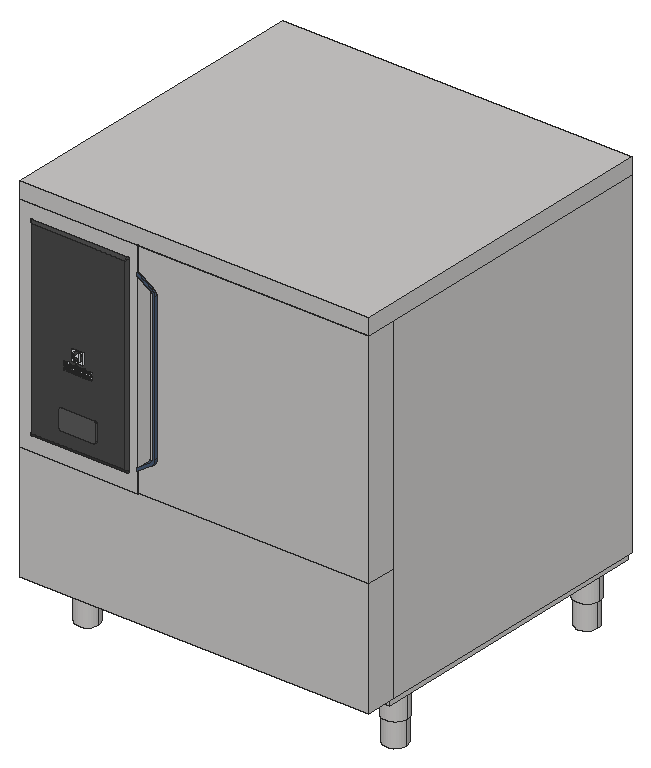
Revit family "QF_ELECTROLUXPROFESSIONAL_725424_EBFA61WET", category Attrezzature speciali, Revit 2018
Family settings
  Quota connettore circolare = Usa diametro
  Tipo di parte = Normale
  Basato su piano di lavoro = No
  Sempre verticale = Sì
  Taglio con vuoti quando caricato = No
  Condiviso = No
  Punto di calcolo locali = No
Parameters (values of type "Standard")
  Weight = 170.00 kg
  Watts = 2700 W
  Volts = 380 V
  URL Manufacturer = "https://www.electroluxprofessional.com/"
  URL = "https://www.electroluxprofessional.com/"
  Steam Supply Size = 0 mm
  Steam Supply Minimum Pressure = 0.0 Pa
  Steam Supply Maximum Pressure = 0.0 Pa
  Steam Consumption per Hour = 0
  Show Logo [instance] = yes
  Show Clearance [instance] = yes
  Refrigeration Suction Line Size = 0 mm
  Refrigeration Liquid Line Size = 0 mm
  Refrigerant Compressor Remote = yes
  Produttore = "Electrolux Professional"
  Phase = 3
  Modello = "EBFA61WET"
  Length Actual = 897 mm  # constant formula
  Item Number = "725424"
  Hot Water Size = 0 mm
  Height Actual = 1020 mm  # constant formula
  HP = "3.6 HP"
  Gas Size = 0 mm
  Gas KW = 0
  Gas Input Pressure = 0 W
  Direct Waste Size = 139.7 mm
  Descrizione = "SKYLINE CHILLS BLAST CHILLER FREEZER 30/30KG 6 GN 1/1 - FOR TOWER EXECUTION - WITH IOT MODULE"
  Depth Actual = 937 mm  # constant formula
  Cycle = 50 Hz
  Condensate Return Size = 0 mm
  Compressed Air Volume = 0.0 L/s
  Compressed Air Size = 0 mm
  Compressed Air Pressure = 0.0 Pa
  Cold Water Size = 0 mm
  Accessory = yes
Types (2, lengths in mm): name | URL | Produttore | Phase | Modello | Direct Waste Size | Descrizione
  (no name) | 0 | 0 | 0 | 0 | 0 | 0
  Standard | "https://www.electroluxprofessional.com/" | "Electrolux Professional" | 3 | "EBFA61WET" | 139.7 | "SKYLINE CHILLS BLAST CHILLER FREEZER 30/30KG 6 GN 1/1 - FOR TOWER EXECUTION - WITH IOT MODULE"
Values of the unnamed type that differ from the named types
  Weight = 0.00 kg
  Watts = 0 W
  Volts = 0 V
  URL Manufacturer = ""
  Item Number = ""
  HP = ""
  Cycle = 0 Hz
Reference planes
  plane 1 "Center X": y = 125.851
  plane 2: z = 0
  plane 3 "Center Y": x = -310.5
  plane 4 "LEFT": x = -759
  plane 5 "BACK": y = 547.851
  plane 6 "RIGHT": x = 138
  plane 7 "FRONT": y = -296.149
  plane 8: z = 130
  plane 9 "TOP": z = 1060
  plane 10: x = -707
  plane 11: y = 471.851
  plane 12: x = 84
  plane 13: y = -144.149
  plane 14: y = 640.851
  plane 15: z = 1020
  plane 16: y = -843.149
Forms (mm)
  Extrusion 1, solid, material "QF_Finishes_Stainless Steel"
    sketch origin (0, 0, 1060) x (-1, 0, 0) y (0, -1, 0)
      loop
        line (759, -547.851) -> (759, 219.149) -> (-138, 219.149) -> (-138, -547.851) -> (759, -547.851)
    from -40 to -909.98
  Extrusion 2, solid, material "QF_Finishes_Stainless Steel"
    sketch origin (-780.727, 547.851, 1032) x (1, 0, 0) y (0, 0, -1)
      loop
        circle (121.727, 802) r 10.5
    from 0 to 10
  Extrusion 3, solid, material "QF_Finishes_Stainless Steel"
    sketch origin (-1206.916, -1524, 130) x (-1, 0, 0) y (0, -1, 0)
      loop
        line (-447.916, -1227.851) -> (-1344.916, -1227.851) -> (-1344.916, -1302.851) -> (-447.916, -1302.851) -> (-447.916, -1227.851)
    from 318 to 20.02
  Extrusion 4, solid, material "QF_Finishes_Stainless Steel"
    sketch origin (-1206.916, -1524, 130) x (-1, 0, 0) y (0, -1, 0)
      loop
        line (-456.916, -2071.851) -> (-456.916, -1306.851) -> (-1335.916, -1306.851) -> (-1335.916, -2071.851) -> (-456.916, -2071.851)
    from 20 to 0
  Extrusion 5, solid, material "QF_Finishes_Stainless Steel"
    sketch origin (-1206.916, -1459, 130) x (0, -1, 0) y (-1, 0, 0)
      loop
        circle (-1673.851, -847.916) r 9.5
    from 0 to 31.68
  Extrusion 6, solid, material "QF_Finishes_Stainless Steel"
    sketch origin (-1217, 0, 808.05) x (1, 0, 0) y (0, 1, 0)
      loop
        line (761, -296.149) -> (761, -221.149) -> (458, -221.149) -> (458, -296.149) -> (761, -296.149)
    from 211.95 to -360.05
  Extrusion 7, solid, material "QF_Door-Drawer Clearances", visible <- "Show Clearance", detail levels coarse
    sketch origin (55, 0, 1060.038) x (-1, 0, 0) y (0, -1, 0)
      loop
        line (-83, 296.149) -> (507.659, 296.149)
        arc (507.659, 296.149) -> (321.559, 687.596) -> (-83, 843.149) r 584.314
        line (-83, 843.149) -> (-83, 296.149)
    from -612.038 to -40.038
  Extrusion 8, solid, material "QF_Finishes_Stainless Steel"
    sketch origin (-1206.916, -1524, 1020) x (-1, 0, 0) y (0, -1, 0)
      loop
        line (-447.916, -2071.851) -> (-447.916, -1227.851) -> (-1344.916, -1227.851) -> (-1344.916, -2071.851) -> (-447.916, -2071.851)
    from 40 to 0
  Extrusion 9, solid, material "QF_Finishes_Stainless Steel"
    sketch origin (-623, 0, 808.05) x (1, 0, 0) y (0, 1, 0)
      loop
        line (761, -296.149) -> (761, -221.149) -> (170.341, -221.149) -> (170.341, -296.149) -> (761, -296.149)
    from 211.95 to -360.05
  Extrusion 10, solid, material "QF_Finishes_Electrolux_Blue"
    sketch origin (-1.459, -299.149, 660.072) x (1, 0, 0) y (0, 0, 1)
      loop
        line (-451.2, 297.898) -> (-453.7, 297.898) -> (-453.7, 291.755) -> (-418.543, 268.401)
        arc (-418.543, 268.401) -> (-414.444, 263.897) -> (-412.96, 257.989) r 12.5
        line (-412.96, 257.989) -> (-412.96, -116.924)
        arc (-412.96, -116.924) -> (-414.566, -123.309) -> (-419.001, -128.176) r 13.5
        line (-419.001, -128.176) -> (-453.7, -151.176) -> (-453.7, -157.317) -> (-451.2, -157.317) -> (-415.41, -133.594)
        arc (-415.41, -133.594) -> (-408.839, -126.384) -> (-406.46, -116.924) r 20
        line (-406.46, -116.924) -> (-406.46, 257.989)
        arc (-406.46, 257.989) -> (-408.716, 266.969) -> (-414.947, 273.816) r 19
        line (-414.947, 273.816) -> (-451.2, 297.898)
    from -39 to 1
  Extrusion 11, void
    sketch origin (-165, -296.149, 808.05) x (-1, 0, 0) y (0, 0, 1)
      loop
        line (287.659, -305.295) -> (287.659, 149.92) -> (251.406, 125.838)
        arc (251.406, 125.838) -> (245.174, 118.991) -> (242.919, 110.011) r 19
        line (242.919, 110.011) -> (242.919, -264.902)
        arc (242.919, -264.902) -> (245.298, -274.362) -> (251.869, -281.572) r 20
        line (251.869, -281.572) -> (287.659, -305.295)
    from 0 to 36
  Extrusion 12, solid, material "QF_Finishes_Stainless Steel"
    sketch origin (-1216.631, -0.954, 55.686) x (0, 1, 0) y (0, 0, 1)
      loop
        line (548.805, 694.306) -> (548.805, 392.314) -> (634.5, 399.789)
        arc (634.5, 399.789) -> (639.702, 402.354) -> (641.805, 407.759) r 8
        line (641.805, 407.759) -> (641.805, 433.233)
        arc (641.805, 433.233) -> (637.783, 442.547) -> (641.805, 451.86) r 12.795
        line (641.805, 451.86) -> (641.805, 483.24)
        arc (641.805, 483.24) -> (637.783, 492.554) -> (641.805, 501.867) r 12.795
        line (641.805, 501.867) -> (641.805, 533.247)
        arc (641.805, 533.247) -> (637.783, 542.56) -> (641.805, 551.874) r 12.795
        line (641.805, 551.874) -> (641.805, 583.254)
        arc (641.805, 583.254) -> (637.783, 592.567) -> (641.805, 601.881) r 12.795
        line (641.805, 601.881) -> (641.805, 634.796)
        arc (641.805, 634.796) -> (640.466, 639.795) -> (636.808, 643.455) r 10
        line (636.808, 643.455) -> (548.805, 694.306)
    from 618.187 to 801.865
  Extrusion 13, void
    sketch origin (-456.631, 0, 962.727) x (-1, 0, 0) y (0, -1, 0)
      loop
        line (132.09, -640.851) -> (141.813, -640.851) -> (141.813, -547.851) -> (140.183, -547.851) -> (132.09, -640.851)
      loop
        line (-40.234, -547.851) -> (-41.865, -547.851) -> (-41.865, -640.851) -> (-32.141, -640.851) -> (-40.234, -547.851)
    from -514.727 to -106.985
Cuts and joins
  Extrusion 11, Extrusion 13 cuts Extrusion 1
  Extrusion 11, Extrusion 13 cuts Extrusion 2
  Extrusion 11, Extrusion 13 cuts Extrusion 4
  Extrusion 11, Extrusion 13 cuts Extrusion 5
  joined: Extrusion 1, Extrusion 2, Extrusion 4, Extrusion 5
  Extrusion 11 cuts Extrusion 9
  Extrusion 13 cuts Extrusion 12
Lines and regions (mm)
  symbolic lines
    curve 1: line (-759, 547.851, 1060) -> (138, 547.851, 1060)
    curve 2: line (-759, -296.149, 1060) -> (-759, 547.851, 1060)
    curve 3: line (138, 547.851, 1060) -> (138, -296.149, 1060)
    curve 4: line (-596.814, 547.851, 1060) -> (-588.722, 640.851, 1060)
    curve 5: line (-588.722, 640.851, 1060) -> (-424.49, 640.851, 1060)
    curve 6: line (-424.49, 640.851, 1060) -> (-416.397, 547.851, 1060)
    curve 7: line (-487.159, -301.149, 1060) -> (-724.159, -301.149, 1060)
    curve 8: line (-724.159, -301.149, 1060) -> (-732.159, -296.149, 1060)
    curve 9: line (-487.159, -301.149, 1060) -> (-479.159, -296.149, 1060)
    curve 11: line (-759, -296.149, 0) -> (138, -296.149, 0)
  symbolic lines, style "QF_Door-Drawer Clearances", visible <- "Show Clearance"
    curve 10: line (-258.996, -831.649, 1060) -> (-173.8, -831.649, 1060)
  symbolic lines, style "QF_Door-Drawer Clearances"
    curve 12: line (138, -843.149, 0) -> (138, -296.149, 0)
    curve 13: arc (-452.659, -296.149, 0) -> (-266.559, -687.596, 0) -> (138, -843.149, 0) r 584.314
Dimensions and locks
  equal spacing: plane 4 "LEFT", plane 3 "Center Y", plane 6 "RIGHT"
  plane 4 "LEFT" to plane 6 "RIGHT" = 897 mm
  plane 5 "BACK" to plane 7 "FRONT" = 844 mm
  equal spacing: plane 5 "BACK", plane 1 "Center X", plane 7 "FRONT"
  cut or joined group of Extrusion 1, Extrusion 2, Extrusion 4, Extrusion 5, Extrusion 11, Extrusion 13 to Extrusion 2 sketch curve = 100 mm
  level to Extrusion 2 sketch curve = 230 mm
  plane 5 "BACK" to Extrusion 5 sketch curve = 333 mm
  plane 4 "LEFT" to Extrusion 5 sketch curve = 400 mm
  Extrusion 2 sketch curve to plane 4 "LEFT" = 100 mm
  plane 14 to plane 5 "BACK" = 93 mm
  plane 9 "TOP" to plane 8 to plane 2 = 930 mm, 130 mm
  plane 9 "TOP" to level = 1060 mm
  locked: plane 9 "TOP" to plane 15 at 40
  plane 5 "BACK" to plane 16 = 1391 mm
  aligned and locked: level to plane 2
  aligned and locked: plane 12 to nested 3
  aligned and locked: plane 12 to nested 2
  aligned and locked: plane 10 to nested 1
  aligned and locked: plane 10 to nested 4
  aligned and locked: nested 4 to plane 11
  aligned and locked: nested 3 to plane 11
  aligned and locked: nested 1 to plane 13
  aligned and locked: nested 2 to plane 13
  aligned and locked: plane 15 to Extrusion 1
  aligned and locked: plane 9 "TOP" to Extrusion 8
Automatic sketch dimensions
  Extrusion 1 sketch curve to plane 5 "BACK" = 0 mm
  Extrusion 1 sketch curve to plane 6 "RIGHT" = 0 mm
  Extrusion 1 sketch curve to plane 4 "LEFT" = 0 mm
  Extrusion 1 sketch curve to plane 13 = 75 mm
  curve 1 to plane 5 "BACK" = 0 mm
  curve 1 to plane 6 "RIGHT" = 0 mm
  curve 9 to plane 7 "FRONT" = 0 mm
  curve 6 to plane 14 = 0 mm
  curve 7 to plane 7 "FRONT" = 5 mm
  curve 7 to plane 12 = 571.159 mm
  curve 6 to plane 12 = 508.49 mm
  curve 5 to curve 4 = 164.232 mm
  curve 8 to plane 3 "Center Y" = 413.659 mm
  plane 3 "Center Y" to curve 10 = 136.7 mm
  curve 9 to curve 7 = 8 mm
  curve 4 to curve 4 = 8.092 mm
  curve 7 to curve 8 = 8 mm
  Extrusion 3 sketch curve to plane 6 "RIGHT" = 0 mm
  Extrusion 3 sketch curve to plane 4 "LEFT" = 0 mm
  Extrusion 3 sketch curve to plane 7 "FRONT" = 0 mm
  Extrusion 3 sketch curve to Extrusion 3 sketch curve = 75 mm
  Extrusion 4 sketch curve to plane 5 "BACK" = 0 mm
  Extrusion 4 sketch curve to plane 6 "RIGHT" = 9 mm
  plane 4 "LEFT" to Extrusion 4 sketch curve = 9 mm
  Extrusion 4 sketch curve to plane 13 = 73 mm
  Extrusion 6 sketch curve to plane 4 "LEFT" = 0 mm
  Extrusion 6 sketch curve to plane 7 "FRONT" = 0 mm
  Extrusion 6 sketch curve to plane 3 "Center Y" = 145.5 mm
  plane 7 "FRONT" to Extrusion 6 sketch curve = 75 mm
  Extrusion 8 sketch curve to plane 5 "BACK" = 0 mm
  Extrusion 8 sketch curve to plane 6 "RIGHT" = 0 mm
  Extrusion 8 sketch curve to plane 4 "LEFT" = 0 mm
  Extrusion 8 sketch curve to plane 7 "FRONT" = 0 mm
  Extrusion 9 sketch curve to plane 7 "FRONT" = 0 mm
  Extrusion 9 sketch curve to plane 6 "RIGHT" = 0 mm
  Extrusion 9 sketch curve to plane 3 "Center Y" = 142.159 mm
  plane 7 "FRONT" to Extrusion 9 sketch curve = 75 mm
  Extrusion 10 sketch curve to Extrusion 10 sketch curve = 0 mm  (x4)
  Extrusion 10 sketch curve to plane 15 = 68.172 mm
  Extrusion 10 sketch curve to plane 3 "Center Y" = 144.659 mm  (x2)
  Extrusion 10 sketch curve to plane 15 = 62.03 mm
  Extrusion 10 sketch curve to Extrusion 10 sketch curve = 2.5 mm  (x2)
  Extrusion 10 sketch curve to Extrusion 10 sketch curve = 27.24 mm
  Extrusion 10 sketch curve to Extrusion 10 sketch curve = 28.24 mm
  Extrusion 10 sketch curve to Extrusion 10 sketch curve = 7.459 mm
  Extrusion 10 sketch curve to Extrusion 10 sketch curve = 6.917 mm
  Extrusion 10 sketch curve to Extrusion 10 sketch curve = 3.591 mm
  Extrusion 10 sketch curve to Extrusion 10 sketch curve = 3.597 mm
  Extrusion 10 sketch curve to Extrusion 10 sketch curve = 5.583 mm
  Extrusion 10 sketch curve to Extrusion 10 sketch curve = 6.5 mm
  Extrusion 10 sketch curve to Extrusion 10 sketch curve = 17.939 mm
  Extrusion 10 sketch curve to Extrusion 10 sketch curve = 374.913 mm
  Extrusion 10 sketch curve to Extrusion 10 sketch curve = 23 mm
  Extrusion 10 sketch curve to Extrusion 10 sketch curve = 6.141 mm
  Extrusion 11 sketch curve to Extrusion 9 = 0 mm
  Extrusion 9 to Extrusion 11 sketch curve = 24.74 mm
  Extrusion 9 to Extrusion 11 sketch curve = 25.74 mm
  Extrusion 11 sketch curve to Extrusion 11 sketch curve = 11.05 mm
  Extrusion 11 sketch curve to Extrusion 11 sketch curve = 10.513 mm
  Extrusion 11 sketch curve to Extrusion 11 sketch curve = 8.95 mm
  Extrusion 11 sketch curve to Extrusion 9 = 54.756 mm
  Extrusion 11 sketch curve to Extrusion 11 sketch curve = 23.723 mm
  Extrusion 11 sketch curve to Extrusion 9 = 101.938 mm
  Extrusion 11 sketch curve to Extrusion 11 sketch curve = 24.082 mm
  Extrusion 12 sketch curve to plane 5 "BACK" = 0 mm
  Extrusion 12 sketch curve to plane 14 = 0 mm  (x5)
  Extrusion 12 sketch curve to Extrusion 12 sketch curve = 10 mm
  Extrusion 12 sketch curve to Extrusion 12 sketch curve = 8 mm
  Extrusion 12 sketch curve to plane 14 = 7.305 mm
  Extrusion 12 sketch curve to plane 14 = 4.997 mm
  plane 14 to Extrusion 12 sketch curve = 8.773 mm  (x4)
  plane 8 to Extrusion 12 sketch curve = 318 mm
  Extrusion 12 sketch curve to Extrusion 12 sketch curve = 7.476 mm
  Extrusion 12 sketch curve to Extrusion 12 sketch curve = 25.474 mm
  Extrusion 12 sketch curve to Extrusion 12 sketch curve = 9.313 mm  (x4)
  Extrusion 12 sketch curve to Extrusion 12 sketch curve = 31.38 mm  (x3)
  Extrusion 12 sketch curve to Extrusion 12 sketch curve = 32.916 mm
  Extrusion 12 sketch curve to Extrusion 12 sketch curve = 50.851 mm
  Extrusion 13 sketch curve to plane 5 "BACK" = 0 mm  (x2)
  Extrusion 13 sketch curve to plane 14 = 0 mm  (x2)
  Extrusion 13 sketch curve to plane 3 "Center Y" = 104.267 mm
  Extrusion 13 sketch curve to Extrusion 13 sketch curve = 1.631 mm  (x2)
  Extrusion 13 sketch curve to Extrusion 13 sketch curve = 9.723 mm
  plane 10 to Extrusion 13 sketch curve = 118.278 mm
  Extrusion 13 sketch curve to Extrusion 13 sketch curve = 8.092 mm
  curve 6 to plane 12 = 500.397 mm
  curve 11 to plane 4 "LEFT" = 0 mm
  curve 11 to plane 7 "FRONT" = 0 mm
  curve 8 to plane 7 "FRONT" = 0 mm
  curve 3 to plane 7 "FRONT" = 0 mm
  plane 3 "Center Y" to curve 11 = 448.5 mm
  Extrusion 7 sketch curve to plane 6 "RIGHT" = 0 mm
  Extrusion 7 sketch curve to plane 7 "FRONT" = 0 mm
  Extrusion 7 sketch curve to plane 16 = 0 mm
  Extrusion 7 sketch curve to plane 6 "RIGHT" = 7.534 mm
  plane 7 "FRONT" to Extrusion 7 sketch curve = 37.266 mm
  plane 16 to curve 10 = 11.5 mm
  curve 2 to plane 4 "LEFT" = 0 mm
  curve 2 to plane 7 "FRONT" = 0 mm
  plane 3 "Center Y" to curve 10 = 51.504 mm
  curve 12 to plane 16 = 0 mm
  curve 13 to plane 6 "RIGHT" = 7.534 mm
  plane 7 "FRONT" to curve 13 = 37.266 mm
  radius of Extrusion 2 sketch curve = 10.5 mm
  radius of Extrusion 5 sketch curve = 9.5 mm
Nested families
  nested 1: "Foot_Complete" at (-707, -144.149, 0), type "Foot_Complete"
    with H 130 mm
  nested 2: "Foot_Complete" at (84, -144.149, 0), type "Foot_Complete"
    with H 130 mm
  nested 3: "Foot_Complete" at (84, 471.851, 0), type "Foot_Complete"
    with H 130 mm
  nested 4: "Foot_Complete" at (-707, 471.851, 0), type "Foot_Complete"
    with H 130 mm
  nested 5: "ELX_Touch" at (-605.159, -296.149, 735) x (-1, 0, 0) z (0, -1, 0), type "ELX_Touch"
  nested 6: "ELX_Pro_Logo" at (-605.159, -301.149, 695) x (1, 0, 0) z (0, -1, 0), type "ELX_Pro_Logo"
Connectors
  electrical at (-659, 557.851, 230), driven by "Volts"
    settings: on Extrusion 2, index 5, voltage 380 V, apparent load 0 VA, apparent load phase1 0 VA, apparent load phase2 0 VA, apparent load phase3 0 VA, power factor 1, load classification "Altro", number of poles 1, system type 30, power factor state 1, is connector primary yes, connector utility no, sub classification motor no, connector description "Electrical Connection"
  piping at (-359, 214.851, 98.32), diameter 139.7, driven by "Direct Waste Size"
    settings: on cut or joined group of Extrusion 1, Extrusion 2, Extrusion 4, Extrusion 5, Extrusion 11, Extrusion 13, index 6, connector inside diameter 609.6 mm, connector length 0 mm, flow factor 0, pipe flow 0.0 L/s, pressure drop 0.0 Pa, fitting loss kfactor 0, connector angle 0.00°, fixture units 0, engagement length 0 mm, angle of deflection 0.00°, flow configuration 1, flow direction 2, fitting loss method 0, system type 16, joint type 0, gender type 0, connector reference index -1, connector utility 0, adjustable connector no, is connector primary yes, connector description "Drain"
Definition of nested family "Foot_Complete"
  Parameters
    R = 32 mm
    H = 150 mm
  Reference planes
    plane 1 "Centro (Fronte/Retro)": y = 0
    plane 2: z = 0
    plane 3 "Centro (Sinistra/Destra)": x = 0
    plane 4: z = 150
  Forms (mm)
    Revolve 1, solid
      sketch origin (255.05, 0, 608.09) x (0, 0, 1) y (-1, 0, 0)
        loop
          line (-608.09, 255.05) -> (-608.09, 226.55) -> (-544.09, 226.55) -> (-544.09, 223.05) -> (-458.09, 223.05) -> (-458.09, 255.05) -> (-608.09, 255.05)
        axis (-608.09, 255.05) -> (-458.09, 255.05)
      angle from 0 to 360
  Dimensions and locks
    locked: level to Revolve 1 sketch curve at 64
    "R": Revolve 1 sketch curve to plane 3 "Centro (Sinistra/Destra)"
    "H": plane 4 to level
    aligned and locked: level to plane 2
    aligned and locked: plane 4 to Revolve 1 sketch curve
    aligned and locked: Revolve 1 sketch curve to level
    aligned and locked: plane 3 "Centro (Sinistra/Destra)" to Revolve 1 sketch curve
  Automatic sketch dimensions
    Revolve 1 sketch curve to plane 3 "Centro (Sinistra/Destra)" = 0 mm
    plane 3 "Centro (Sinistra/Destra)" to Revolve 1 sketch curve = 28.5 mm
    Revolve 1 sketch curve to Revolve 1 sketch curve = 50 mm
    Revolve 1 sketch curve to Revolve 1 sketch curve = 20 mm
Definition of nested family "ELX_Touch"
  Parameters
    Default Elevation = 1219.2 mm
  Reference planes
    plane 1 "Centro (Fronte/Retro)": y = 0
    plane 2: z = 0
    plane 3 "Centro (Sinistra/Destra)": x = 0
  Forms (mm)
    Extrusion 1, solid
      sketch origin (0, 0, 0) x (1, 0, 0) y (0, 1, 0)
        loop
          line (-1219.2, 1219.2) -> (-1219.2, -1219.2) -> (1219.2, -1219.2) -> (1219.2, 1219.2) -> (-1219.2, 1219.2)
      from 0 to -304.8
    Extrusion 2, solid
      sketch origin (0, 0, 5) x (1, 0, 0) y (0, 1, 0)
        loop
          line (-47, -160) -> (-47, -202)
          arc (-47, -202) -> (-45.536, -205.535) -> (-42, -207) r 5
          line (-42, -207) -> (42, -207)
          arc (42, -207) -> (45.536, -205.535) -> (47, -202) r 5
          line (47, -202) -> (47, -160)
          arc (47, -160) -> (45.536, -156.465) -> (42, -155) r 5
          line (42, -155) -> (-42, -155)
          arc (-42, -155) -> (-45.536, -156.465) -> (-47, -160) r 5
      from 0 to 2
    Blend 3, solid
      base sketch origin (0, 0, 0) x (1, 0, 0) y (0, 1, 0)
        loop
          line (-127, 244) -> (-127, -244)
          arc (-127, -244) -> (-125.536, -247.536) -> (-122, -249) r 5
          line (-122, -249) -> (122, -249)
          arc (122, -249) -> (125.536, -247.536) -> (127, -244) r 5
          line (127, -244) -> (127, 244)
          arc (127, 244) -> (125.536, 247.536) -> (122, 249) r 5
          line (122, 249) -> (-122, 249)
          arc (-122, 249) -> (-125.536, 247.536) -> (-127, 244) r 5
      top sketch origin (0, 0, 0) x (1, 0, 0) y (0, 1, 0)
        loop
          line (-119, -241) -> (119, -241) -> (119, 241) -> (-119, 241) -> (-119, -241)
      from 0 to 5
  Lines and regions (mm)
    Split face 1
      outline origin (0, 0, 5) x (1, 0, 0) y (0, 1, 0)
        loop
          line (-70.506, 46.167) -> (70.506, 46.167) -> (70.506, 214.829) -> (-70.506, 214.829) -> (-70.506, 46.167)
    Split face 2
      outline origin (0, 0, 5) x (1, 0, 0) y (0, 1, 0)
        loop
          line (-47.467, 50.825) -> (47.467, 50.825) -> (47.467, 210.171) -> (-47.467, 210.171) -> (-47.467, 50.825)
    Split face 3
      outline origin (0, 0, 5) x (1, 0, 0) y (0, 1, 0)
        loop
          line (-70.521, -215.33) -> (70.521, -215.33) -> (70.521, -146.67) -> (-70.521, -146.67) -> (-70.521, -215.33)
    Split face 4
      outline origin (0, 0, 5) x (1, 0, 0) y (0, 1, 0)
        loop
          line (-119, 201.163) -> (-70.506, 201.163)
        loop
          line (70.506, 201.163) -> (119, 201.163)
        loop
          line (70.521, -200.849) -> (119, -200.849)
        loop
          line (-119, -200.849) -> (-70.521, -200.849)
  Dimensions and locks
    aligned and locked: plane 2 to Extrusion 1
    aligned and locked: level to Extrusion 1
Definition of nested family "ELX_Pro_Logo"
  Parameters (values of type "ELX_Pro_Logo")
    M = none
    Default Elevation = 0 mm
  Reference planes
    plane 1 "Centro (Fronte/Retro)": y = 0
    plane 2: z = 0
    plane 3 "Centro (Sinistra/Destra)": x = 0
  Forms (mm)
    Extrusion 1, solid
      sketch origin (0, 0, 0) x (1, 0, 0) y (0, 1, 0)
        loop
          line (-1219.2, 1219.2) -> (-1219.2, -1219.2) -> (1219.2, -1219.2) -> (1219.2, 1219.2) -> (-1219.2, 1219.2)
      from 0 to -304.8
    Extrusion 2, solid, material <- "M"
      sketch origin (-144.622, -1081.55, 0) x (-1, 0, 0) y (0, -1, 0)
        loop
          line (-111.329, -1069.559) -> (-111.329, -1071.073) -> (-116.048, -1071.073) -> (-116.048, -1072.896) -> (-111.328, -1072.896) -> (-111.328, -1075.549) -> (-116.349, -1075.549) -> (-116.349, -1077.368) -> (-109.396, -1077.368) -> (-109.396, -1073.46) -> (-109.396, -1069.659)
          arc (-109.396, -1069.659) -> (-110.425, -1067.175) -> (-112.909, -1066.146) r 3.513
          line (-112.909, -1066.146) -> (-116.483, -1066.146) -> (-116.483, -1067.963) -> (-112.925, -1067.963)
          arc (-112.925, -1067.963) -> (-111.797, -1068.431) -> (-111.329, -1069.559) r 1.596
        loop
          line (-119.79, -1077.358) -> (-117.856, -1077.358) -> (-117.856, -1072.053) -> (-117.856, -1066.132) -> (-119.79, -1066.132) -> (-119.79, -1072.092) -> (-119.79, -1077.358)
        loop
          line (-122.986, -1069.718) -> (-129.327, -1069.718)
          arc (-129.327, -1069.718) -> (-129.219, -1071.449) -> (-128.497, -1073.026) r 4.757
          arc (-128.497, -1073.026) -> (-125.237, -1074.5) -> (-121.978, -1073.026) r 4.34
          arc (-121.978, -1073.026) -> (-121.072, -1070.207) -> (-121.978, -1067.388) r 4.838
          arc (-121.978, -1067.388) -> (-125.393, -1065.933) -> (-128.809, -1067.388) r 4.737
          line (-128.809, -1067.388) -> (-127.645, -1068.52)
          arc (-127.645, -1068.52) -> (-125.509, -1067.576) -> (-123.374, -1068.52) r 2.888
          arc (-123.374, -1068.52) -> (-123.05, -1069.077) -> (-122.986, -1069.718) r 1.527
        loop
          arc (-127.386, -1071.076) -> (-126.67, -1072.331) -> (-125.331, -1072.872) r 2.201
          arc (-125.331, -1072.872) -> (-123.848, -1072.402) -> (-123.033, -1071.076) r 2.23
          line (-123.033, -1071.076) -> (-127.386, -1071.076)
        loop
          line (-136.862, -1071.886) -> (-138.059, -1073.132)
          arc (-138.059, -1073.132) -> (-130.327, -1070.219) -> (-138.059, -1067.306) r 4.415
          line (-138.059, -1067.306) -> (-136.862, -1068.553)
          arc (-136.862, -1068.553) -> (-132.252, -1070.22) -> (-136.862, -1071.886) r 2.606
        loop
          line (-141.192, -1069.673) -> (-141.192, -1072.494) -> (-142.951, -1072.494) -> (-142.951, -1074.25) -> (-141.195, -1074.25) -> (-141.195, -1077.358) -> (-139.262, -1077.358) -> (-139.262, -1073.332) -> (-139.262, -1069.514)
          arc (-139.262, -1069.514) -> (-140.299, -1066.92) -> (-142.98, -1066.132) r 3.196
          line (-142.98, -1066.132) -> (-142.987, -1067.949)
          arc (-142.987, -1067.949) -> (-141.652, -1068.356) -> (-141.192, -1069.673) r 1.542
        loop
          line (-146.494, -1073.042) -> (-146.494, -1074.25) -> (-144.576, -1074.25) -> (-144.576, -1070.271) -> (-144.576, -1066.132) -> (-146.494, -1066.132) -> (-146.494, -1070.401)
          arc (-146.494, -1070.401) -> (-147.446, -1072.228) -> (-149.489, -1072.494) r 2.229
          line (-149.489, -1072.494) -> (-149.489, -1074.362)
          arc (-149.489, -1074.362) -> (-147.761, -1074.226) -> (-146.494, -1073.042) r 2.627
        loop
          line (-159.833, -1072.246) -> (-159.833, -1066.131) -> (-161.767, -1066.131) -> (-161.767, -1072.17) -> (-161.767, -1077.359) -> (-159.833, -1077.359) -> (-159.833, -1072.246)
        loop
          line (-165.194, -1069.514) -> (-165.194, -1074.25) -> (-163.245, -1074.25) -> (-163.245, -1071.898) -> (-163.245, -1069.098)
          arc (-163.245, -1069.098) -> (-166.96, -1065.769) -> (-170.687, -1069.085) r 3.745
          line (-170.687, -1069.085) -> (-170.687, -1071.898) -> (-170.687, -1074.25) -> (-168.739, -1074.25) -> (-168.739, -1069.514)
          arc (-168.739, -1069.514) -> (-166.967, -1067.742) -> (-165.194, -1069.514) r 1.772
        loop
          line (-174.654, -1070.416) -> (-172.975, -1068.078) -> (-171.578, -1066.131) -> (-173.656, -1066.131) -> (-175.717, -1068.999) -> (-177.779, -1066.131) -> (-179.857, -1066.131) -> (-178, -1068.728) -> (-176.781, -1070.433) -> (-178.29, -1072.488) -> (-179.583, -1074.25) -> (-177.473, -1074.25) -> (-175.717, -1071.818) -> (-173.945, -1074.25) -> (-171.852, -1074.25) -> (-173.052, -1072.608) -> (-174.654, -1070.416)
        loop
          circle (-154.223, -1070.188) r 2.508
        loop
          circle (-154.223, -1070.188) r 4.42
        loop
          line (-110.224, -1058.542) -> (-111.194, -1058.542)
          arc (-111.194, -1058.542) -> (-112.217, -1059.95) -> (-110.924, -1061.114) r 1.3
          line (-110.924, -1061.114) -> (-109.424, -1061.114) -> (-109.424, -1057.223) -> (-110.224, -1057.223) -> (-110.224, -1058.542)
        loop
          line (-110.224, -1060.379) -> (-110.224, -1059.293) -> (-111.03, -1059.293)
          arc (-111.03, -1059.293) -> (-111.43, -1059.836) -> (-111.03, -1060.379) r 0.569
          line (-111.03, -1060.379) -> (-110.224, -1060.379)
        loop
          line (-116.302, -1058.564) -> (-117.128, -1058.564) -> (-117.934, -1057.223) -> (-118.841, -1057.223) -> (-117.833, -1058.884)
          arc (-117.833, -1058.884) -> (-118.214, -1060.282) -> (-117.028, -1061.114) r 1.26
          line (-117.028, -1061.114) -> (-115.503, -1061.114) -> (-115.503, -1057.223) -> (-116.302, -1057.223) -> (-116.302, -1058.564)
        loop
          line (-116.302, -1060.379) -> (-116.302, -1059.293) -> (-117.109, -1059.293)
          arc (-117.109, -1059.293) -> (-117.508, -1059.836) -> (-117.109, -1060.379) r 0.569
          line (-117.109, -1060.379) -> (-116.302, -1060.379)
        loop
          line (-128.923, -1057.223) -> (-129.723, -1057.223) -> (-129.723, -1058.714) -> (-131.187, -1058.714) -> (-131.187, -1059.514) -> (-129.723, -1059.514) -> (-129.723, -1060.314) -> (-131.327, -1060.314) -> (-131.327, -1061.114) -> (-128.923, -1061.114) -> (-128.923, -1057.223)
        loop
          arc (-134.628, -1058.469) -> (-134.992, -1057.588) -> (-135.874, -1057.223) r 1.246
          line (-135.874, -1057.223) -> (-137.13, -1057.223) -> (-137.13, -1058.023) -> (-135.969, -1058.023)
          arc (-135.969, -1058.023) -> (-135.53, -1058.237) -> (-135.427, -1058.714) r 0.558
          line (-135.427, -1058.714) -> (-136.984, -1058.714) -> (-136.984, -1059.514) -> (-135.427, -1059.514) -> (-135.427, -1060.314) -> (-137.092, -1060.314) -> (-137.092, -1061.114) -> (-134.628, -1061.114) -> (-134.628, -1058.469)
        loop
          line (-152.3, -1057.223) -> (-153.1, -1057.223) -> (-153.1, -1061.114) -> (-152.3, -1061.114) -> (-152.3, -1057.223)
        loop
          line (-164.67, -1057.223) -> (-164.67, -1059.67) -> (-166.45, -1057.223) -> (-167.25, -1057.223) -> (-167.25, -1061.114) -> (-166.42, -1061.114) -> (-166.42, -1058.594) -> (-164.64, -1061.114) -> (-163.84, -1061.114) -> (-163.84, -1057.223) -> (-164.67, -1057.223)
        loop
          line (-170.403, -1057.223) -> (-171.262, -1057.223) -> (-171.641, -1058.063) -> (-173.08, -1058.063) -> (-173.459, -1057.223) -> (-174.317, -1057.223) -> (-172.796, -1061.113) -> (-171.996, -1061.113) -> (-170.403, -1057.223)
        loop
          line (-177.493, -1057.223) -> (-179.789, -1057.223) -> (-179.789, -1058.023) -> (-178.293, -1058.023) -> (-178.293, -1061.114) -> (-177.493, -1061.114) -> (-177.493, -1057.223)
        loop
          line (-172.362, -1059.848) -> (-171.945, -1058.83) -> (-172.76, -1058.83) -> (-172.362, -1059.848)
        loop
          circle (-158.484, -1059.145) r 1.288
        loop
          circle (-158.484, -1059.145) r 2.065
        loop
          arc (-146.04, -1058.095) -> (-146.933, -1057.275) -> (-148.145, -1057.245) r 1.725
          arc (-148.145, -1057.245) -> (-148.965, -1058.02) -> (-148.68, -1059.111) r 1.107
          arc (-148.68, -1059.111) -> (-148.103, -1059.465) -> (-147.486, -1059.746) r 5.523
          arc (-147.486, -1059.746) -> (-147.147, -1060.262) -> (-147.708, -1060.52) r 0.407
          arc (-147.708, -1060.52) -> (-148.045, -1060.315) -> (-148.325, -1060.038) r 1.702
          line (-148.325, -1060.038) -> (-149.011, -1060.45)
          arc (-149.011, -1060.45) -> (-148.578, -1060.911) -> (-148.043, -1061.247) r 2.463
          arc (-148.043, -1061.247) -> (-146.373, -1060.466) -> (-147.42, -1058.949) r 1.207
          spline (-147.42, -1058.949) -> (-147.716, -1058.809) -> (-147.932, -1058.678) -> (-148.077, -1058.557) -> (-148.163, -1058.446) -> (-148.198, -1058.347) -> (-148.192, -1058.258) -> (-148.157, -1058.182) -> (-148.102, -1058.118) -> (-148.037, -1058.068) -> (-147.972, -1058.031) -> (-147.917, -1058.008) -> (-147.883, -1058)
          arc (-147.883, -1058) -> (-147.238, -1058.014) -> (-146.759, -1058.446) r 0.925
          line (-146.759, -1058.446) -> (-146.04, -1058.095)
        loop
          arc (-140.18, -1058.095) -> (-141.073, -1057.275) -> (-142.285, -1057.245) r 1.725
          arc (-142.285, -1057.245) -> (-143.106, -1058.02) -> (-142.821, -1059.111) r 1.107
          arc (-142.821, -1059.111) -> (-142.243, -1059.465) -> (-141.627, -1059.746) r 5.523
          arc (-141.627, -1059.746) -> (-141.287, -1060.262) -> (-141.849, -1060.52) r 0.407
          arc (-141.849, -1060.52) -> (-142.185, -1060.315) -> (-142.466, -1060.038) r 1.702
          line (-142.466, -1060.038) -> (-143.151, -1060.45)
          arc (-143.151, -1060.45) -> (-142.719, -1060.911) -> (-142.183, -1061.247) r 2.463
          arc (-142.183, -1061.247) -> (-140.513, -1060.466) -> (-141.56, -1058.949) r 1.207
          spline (-141.56, -1058.949) -> (-141.856, -1058.809) -> (-142.072, -1058.678) -> (-142.218, -1058.557) -> (-142.303, -1058.446) -> (-142.338, -1058.347) -> (-142.333, -1058.258) -> (-142.298, -1058.182) -> (-142.242, -1058.118) -> (-142.177, -1058.068) -> (-142.112, -1058.031) -> (-142.057, -1058.008) -> (-142.023, -1058)
          arc (-142.023, -1058) -> (-141.378, -1058.014) -> (-140.9, -1058.446) r 0.925
          line (-140.9, -1058.446) -> (-140.18, -1058.095)
        loop
          circle (-123.484, -1059.145) r 1.288
        loop
          circle (-123.484, -1059.145) r 2.065
        loop
          line (-130.225, -1113.361) -> (-130.225, -1084.645) -> (-158.979, -1084.645) -> (-158.979, -1113.361) -> (-130.225, -1113.361)
        loop
          arc (-148.442, -1086.055) -> (-157.992, -1098.973) -> (-148.442, -1111.892) r 13.512
          line (-148.442, -1111.892) -> (-148.442, -1086.055)
        loop
          line (-147.127, -1086.055) -> (-147.127, -1087.926)
          arc (-147.127, -1087.926) -> (-143.116, -1095.125) -> (-135.48, -1098.224) r 12.412
          line (-135.48, -1098.224) -> (-131.205, -1098.224)
          arc (-131.205, -1098.224) -> (-136.382, -1088.497) -> (-147.127, -1086.055) r 13.242
        loop
          line (-147.127, -1110.021) -> (-147.127, -1112.224)
          arc (-147.127, -1112.224) -> (-136.374, -1109.53) -> (-131.205, -1099.722) r 13.588
          line (-131.205, -1099.722) -> (-135.48, -1099.722)
          arc (-135.48, -1099.722) -> (-143.116, -1102.822) -> (-147.127, -1110.021) r 12.412
      from 0 to 1.6
  Lines and regions (mm)
    symbolic lines
      curve 1: line (-14.357, 31.811, 0) -> (14.357, 31.811, 0)
      curve 2: line (-14.357, 3.095, 0) -> (-14.357, 31.811, 0)
      curve 3: line (14.357, 3.095, 0) -> (-14.357, 3.095, 0)
      curve 4: line (14.357, 31.811, 0) -> (14.357, 3.095, 0)
      curve 5: line (-8.32, 7.722, 0) -> (-9.387, 8.738, 0)
      curve 6: line (-9.387, 8.738, 0) -> (-10.331, 9.866, 0)
      curve 7: line (-10.331, 9.866, 0) -> (-11.141, 11.095, 0)
      curve 8: line (-11.141, 11.095, 0) -> (-11.805, 12.411, 0)
      curve 9: line (-11.805, 12.411, 0) -> (-12.31, 13.803, 0)
      curve 10: line (-12.31, 13.803, 0) -> (-12.646, 15.26, 0)
      curve 11: line (-12.646, 15.26, 0) -> (-12.8, 16.77, 0)
      curve 12: line (-12.8, 16.77, 0) -> (-10.081, 16.77, 0)
      curve 13: line (-10.081, 16.77, 0) -> (-8.466, 16.661, 0)
      curve 14: line (-8.466, 16.661, 0) -> (-6.88, 16.344, 0)
      curve 15: line (-6.88, 16.344, 0) -> (-5.345, 15.833, 0)
      curve 16: line (-5.345, 15.833, 0) -> (-3.882, 15.143, 0)
      curve 17: line (-3.882, 15.143, 0) -> (-2.511, 14.288, 0)
      curve 18: line (-2.511, 14.288, 0) -> (-1.255, 13.283, 0)
      curve 19: line (-1.255, 13.283, 0) -> (-0.135, 12.143, 0)
      curve 20: line (-0.135, 12.143, 0) -> (0.83, 10.882, 0)
      curve 21: line (0.83, 10.882, 0) -> (1.616, 9.515, 0)
      curve 22: arc (1.616, 9.515, 0) -> (2.419, 7.28, 0) -> (2.7, 4.923, 0) r 10.532
      curve 23: arc (2.7, 4.923, 0) -> (1.362, 4.715, 0) -> (0.011, 4.633, 0) r 14.39
      curve 24: line (0.011, 4.633, 0) -> (-1.56, 4.731, 0)
      curve 25: line (-1.56, 4.731, 0) -> (-3.062, 5.011, 0)
      curve 26: line (-3.062, 5.011, 0) -> (-4.502, 5.462, 0)
      curve 27: line (-4.502, 5.462, 0) -> (-5.866, 6.072, 0)
      curve 28: line (-5.866, 6.072, 0) -> (-7.142, 6.829, 0)
      curve 29: line (-7.142, 6.829, 0) -> (-8.32, 7.722, 0)
      curve 30: line (-10.802, 24.24, 0) -> (-9.872, 25.531, 0)
      curve 31: line (-9.872, 25.531, 0) -> (-8.796, 26.699, 0)
      curve 32: line (-8.796, 26.699, 0) -> (-7.587, 27.728, 0)
      curve 33: line (-7.587, 27.728, 0) -> (-6.258, 28.602, 0)
      curve 34: line (-6.258, 28.602, 0) -> (-4.823, 29.309, 0)
      curve 35: line (-4.823, 29.309, 0) -> (-3.293, 29.832, 0)
      curve 36: line (-3.293, 29.832, 0) -> (-1.683, 30.156, 0)
      curve 37: arc (-1.683, 30.156, 0) -> (0.517, 30.256, 0) -> (2.702, 29.984, 0) r 13.008
      curve 38: arc (2.702, 29.984, 0) -> (2.453, 27.616, 0) -> (1.617, 25.387, 0) r 9.395
      curve 39: line (1.617, 25.387, 0) -> (0.83, 24.018, 0)
      curve 40: line (0.83, 24.018, 0) -> (-0.134, 22.756, 0)
      curve 41: line (-0.134, 22.756, 0) -> (-1.255, 21.615, 0)
      curve 42: line (-1.255, 21.615, 0) -> (-2.512, 20.609, 0)
      curve 43: line (-2.512, 20.609, 0) -> (-3.882, 19.754, 0)
      curve 44: line (-3.882, 19.754, 0) -> (-5.346, 19.063, 0)
      curve 45: line (-5.346, 19.063, 0) -> (-6.881, 18.551, 0)
      curve 46: line (-6.881, 18.551, 0) -> (-8.467, 18.234, 0)
      curve 47: line (-8.467, 18.234, 0) -> (-10.083, 18.125, 0)
      curve 48: line (-10.083, 18.125, 0) -> (-12.798, 18.125, 0)
      curve 49: line (-12.798, 18.125, 0) -> (-12.584, 19.768, 0)
      curve 50: line (-12.584, 19.768, 0) -> (-12.171, 21.343, 0)
      curve 51: line (-12.171, 21.343, 0) -> (-11.572, 22.839, 0)
      curve 52: line (-11.572, 22.839, 0) -> (-10.802, 24.24, 0)
      curve 53: line (4.048, 5.294, 0) -> (4.048, 29.617, 0)
      curve 54: line (4.048, 29.617, 0) -> (5.525, 29.026, 0)
      curve 55: line (5.525, 29.026, 0) -> (6.905, 28.26, 0)
      curve 56: line (6.905, 28.26, 0) -> (8.174, 27.332, 0)
      curve 57: line (8.174, 27.332, 0) -> (9.318, 26.256, 0)
      curve 58: line (9.318, 26.256, 0) -> (10.323, 25.046, 0)
      curve 59: line (10.323, 25.046, 0) -> (11.177, 23.715, 0)
      curve 60: line (11.177, 23.715, 0) -> (11.865, 22.277, 0)
      curve 61: line (11.865, 22.277, 0) -> (12.375, 20.746, 0)
      curve 62: line (12.375, 20.746, 0) -> (12.693, 19.135, 0)
      curve 63: line (12.693, 19.135, 0) -> (12.804, 17.459, 0)
      curve 64: line (12.804, 17.459, 0) -> (12.702, 15.807, 0)
      curve 65: line (12.702, 15.807, 0) -> (12.396, 14.216, 0)
      curve 66: line (12.396, 14.216, 0) -> (11.897, 12.7, 0)
      curve 67: line (11.897, 12.7, 0) -> (11.218, 11.271, 0)
      curve 68: line (11.218, 11.271, 0) -> (10.372, 9.944, 0)
      curve 69: line (10.372, 9.944, 0) -> (9.37, 8.731, 0)
      curve 70: line (9.37, 8.731, 0) -> (8.224, 7.646, 0)
      curve 71: line (8.224, 7.646, 0) -> (6.947, 6.703, 0)
      curve 72: line (6.947, 6.703, 0) -> (5.551, 5.914, 0)
      curve 73: line (5.551, 5.914, 0) -> (4.048, 5.294, 0)
      curve 74: line (-35.227, -8.09, 0) -> (-35.227, -11.891, 0)
      curve 75: arc (-35.227, -11.891, 0) -> (-34.198, -14.375, 0) -> (-31.714, -15.404, 0) r 3.513
      curve 76: line (-31.714, -15.404, 0) -> (-28.139, -15.404, 0)
      curve 77: line (-28.139, -15.404, 0) -> (-28.139, -13.587, 0)
      curve 78: line (-28.139, -13.587, 0) -> (-31.697, -13.587, 0)
      curve 79: arc (-31.697, -13.587, 0) -> (-32.826, -13.119, 0) -> (-33.293, -11.991, 0) r 1.596
      curve 80: line (-33.293, -11.991, 0) -> (-33.293, -10.477, 0)
      curve 81: line (-33.293, -10.477, 0) -> (-28.574, -10.477, 0)
      curve 82: line (-28.574, -10.477, 0) -> (-28.574, -8.654, 0)
      curve 83: line (-28.574, -8.654, 0) -> (-33.294, -8.654, 0)
      curve 84: line (-33.294, -8.654, 0) -> (-33.294, -6.001, 0)
      curve 85: line (-33.294, -6.001, 0) -> (-28.273, -6.001, 0)
      curve 86: line (-28.273, -6.001, 0) -> (-28.273, -4.182, 0)
      curve 87: line (-28.273, -4.182, 0) -> (-35.227, -4.182, 0)
      curve 88: line (-35.227, -4.182, 0) -> (-35.227, -8.09, 0)
      curve 89: line (-24.833, -9.458, 0) -> (-24.833, -4.192, 0)
      curve 90: line (-24.833, -4.192, 0) -> (-26.766, -4.192, 0)
      curve 91: line (-26.766, -4.192, 0) -> (-26.766, -9.497, 0)
      curve 92: line (-26.766, -9.497, 0) -> (-26.766, -15.418, 0)
      curve 93: line (-26.766, -15.418, 0) -> (-24.833, -15.418, 0)
      curve 94: line (-24.833, -15.418, 0) -> (-24.833, -9.458, 0)
      curve 95: arc (-16.125, -8.524, 0) -> (-19.385, -7.05, 0) -> (-22.645, -8.524, 0) r 4.34
      curve 96: arc (-22.645, -8.524, 0) -> (-23.551, -11.343, 0) -> (-22.645, -14.162, 0) r 4.838
      curve 97: arc (-22.645, -14.162, 0) -> (-19.229, -15.617, 0) -> (-15.813, -14.162, 0) r 4.737
      curve 98: line (-15.813, -14.162, 0) -> (-16.978, -13.03, 0)
      curve 99: arc (-16.978, -13.03, 0) -> (-19.113, -13.974, 0) -> (-21.249, -13.03, 0) r 2.888
      curve 100: arc (-21.249, -13.03, 0) -> (-21.572, -12.473, 0) -> (-21.637, -11.832, 0) r 1.527
      curve 101: line (-21.637, -11.832, 0) -> (-15.295, -11.832, 0)
      curve 102: arc (-15.295, -11.832, 0) -> (-15.404, -10.101, 0) -> (-16.125, -8.524, 0) r 4.757
      curve 103: line (-17.236, -10.474, 0) -> (-21.589, -10.474, 0)
      curve 104: arc (-21.589, -10.474, 0) -> (-20.774, -9.148, 0) -> (-19.291, -8.678, 0) r 2.23
      curve 105: arc (-19.291, -8.678, 0) -> (-17.952, -9.219, 0) -> (-17.236, -10.474, 0) r 2.201
      curve 106: arc (-6.563, -8.418, 0) -> (-14.295, -11.331, 0) -> (-6.563, -14.244, 0) r 4.415
      curve 107: line (-6.563, -14.244, 0) -> (-7.761, -12.997, 0)
      curve 108: arc (-7.761, -12.997, 0) -> (-12.371, -11.33, 0) -> (-7.761, -9.664, 0) r 2.606
      curve 109: line (-7.761, -9.664, 0) -> (-6.563, -8.418, 0)
      curve 110: line (-5.361, -4.192, 0) -> (-5.361, -8.218, 0)
      curve 111: line (-5.361, -8.218, 0) -> (-5.361, -12.036, 0)
      curve 112: arc (-5.361, -12.036, 0) -> (-4.323, -14.63, 0) -> (-1.642, -15.418, 0) r 3.196
      curve 113: line (-1.642, -15.418, 0) -> (-1.636, -13.601, 0)
      curve 114: arc (-1.636, -13.601, 0) -> (-2.97, -13.194, 0) -> (-3.43, -11.877, 0) r 1.542
      curve 115: line (-3.43, -11.877, 0) -> (-3.43, -9.056, 0)
      curve 116: line (-3.43, -9.056, 0) -> (-1.672, -9.056, 0)
      curve 117: line (-1.672, -9.056, 0) -> (-1.672, -7.299, 0)
      curve 118: line (-1.672, -7.299, 0) -> (-3.427, -7.299, 0)
      curve 119: line (-3.427, -7.299, 0) -> (-3.427, -4.192, 0)
      curve 120: line (-3.427, -4.192, 0) -> (-5.361, -4.192, 0)
      curve 121: line (1.872, -7.3, 0) -> (-0.046, -7.3, 0)
      curve 122: line (-0.046, -7.3, 0) -> (-0.046, -11.279, 0)
      curve 123: line (-0.046, -11.279, 0) -> (-0.046, -15.418, 0)
      curve 124: line (-0.046, -15.418, 0) -> (1.872, -15.418, 0)
      curve 125: line (1.872, -15.418, 0) -> (1.872, -11.149, 0)
      curve 126: arc (1.872, -11.149, 0) -> (2.824, -9.322, 0) -> (4.867, -9.056, 0) r 2.229
      curve 127: line (4.867, -9.056, 0) -> (4.867, -7.188, 0)
      curve 128: arc (4.867, -7.188, 0) -> (3.138, -7.324, 0) -> (1.872, -8.508, 0) r 2.627
      curve 129: line (1.872, -8.508, 0) -> (1.872, -7.3, 0)
      curve 130: arc (7.092, -11.362, 0) -> (9.601, -8.854, 0) -> (12.109, -11.362, 0) r 2.508
      curve 131: arc (12.109, -11.362, 0) -> (9.601, -13.871, 0) -> (7.092, -11.362, 0) r 2.508
      curve 132: arc (5.18, -11.362, 0) -> (9.601, -15.783, 0) -> (14.021, -11.362, 0) r 4.42
      curve 133: arc (14.021, -11.362, 0) -> (9.601, -6.942, 0) -> (5.18, -11.362, 0) r 4.42
      curve 134: line (15.211, -4.191, 0) -> (15.211, -9.304, 0)
      curve 135: line (15.211, -9.304, 0) -> (15.211, -15.419, 0)
      curve 136: line (15.211, -15.419, 0) -> (17.145, -15.419, 0)
      curve 137: line (17.145, -15.419, 0) -> (17.145, -9.38, 0)
      curve 138: line (17.145, -9.38, 0) -> (17.145, -4.191, 0)
      curve 139: line (17.145, -4.191, 0) -> (15.211, -4.191, 0)
      curve 140: line (18.622, -7.299, 0) -> (18.622, -9.652, 0)
      curve 141: line (18.622, -9.652, 0) -> (18.622, -12.452, 0)
      curve 142: arc (18.622, -12.452, 0) -> (22.338, -15.781, 0) -> (26.064, -12.465, 0) r 3.745
      curve 143: line (26.064, -12.465, 0) -> (26.064, -9.652, 0)
      curve 144: line (26.064, -9.652, 0) -> (26.064, -7.299, 0)
      curve 145: line (26.064, -7.299, 0) -> (24.116, -7.299, 0)
      curve 146: line (24.116, -7.299, 0) -> (24.116, -12.036, 0)
      curve 147: arc (24.116, -12.036, 0) -> (22.344, -13.808, 0) -> (20.572, -12.036, 0) r 1.772
      curve 148: line (20.572, -12.036, 0) -> (20.572, -7.299, 0)
      curve 149: line (20.572, -7.299, 0) -> (18.622, -7.299, 0)
      curve 150: line (28.43, -8.942, 0) -> (30.032, -11.134, 0)
      curve 151: line (30.032, -11.134, 0) -> (28.353, -13.472, 0)
      curve 152: line (28.353, -13.472, 0) -> (26.955, -15.419, 0)
      curve 153: line (26.955, -15.419, 0) -> (29.033, -15.419, 0)
      curve 154: line (29.033, -15.419, 0) -> (31.095, -12.551, 0)
      curve 155: line (31.095, -12.551, 0) -> (33.156, -15.419, 0)
      curve 156: line (33.156, -15.419, 0) -> (35.234, -15.419, 0)
      curve 157: line (35.234, -15.419, 0) -> (33.378, -12.822, 0)
      curve 158: line (33.378, -12.822, 0) -> (32.158, -11.117, 0)
      curve 159: line (32.158, -11.117, 0) -> (33.668, -9.062, 0)
      curve 160: line (33.668, -9.062, 0) -> (34.961, -7.3, 0)
      curve 161: line (34.961, -7.3, 0) -> (32.851, -7.3, 0)
      curve 162: line (32.851, -7.3, 0) -> (31.095, -9.732, 0)
      curve 163: line (31.095, -9.732, 0) -> (29.323, -7.3, 0)
      curve 164: line (29.323, -7.3, 0) -> (27.23, -7.3, 0)
      curve 165: line (27.23, -7.3, 0) -> (28.43, -8.942, 0)
      curve 166: line (-35.198, -20.436, 0) -> (-35.198, -24.327, 0)
      curve 167: line (-35.198, -24.327, 0) -> (-34.398, -24.327, 0)
      curve 168: line (-34.398, -24.327, 0) -> (-34.398, -23.008, 0)
      curve 169: line (-34.398, -23.008, 0) -> (-33.428, -23.008, 0)
      curve 170: arc (-33.428, -23.008, 0) -> (-32.405, -21.6, 0) -> (-33.699, -20.436, 0) r 1.3
      curve 171: line (-33.699, -20.436, 0) -> (-35.198, -20.436, 0)
      curve 172: line (-34.398, -22.257, 0) -> (-34.398, -21.171, 0)
      curve 173: line (-34.398, -21.171, 0) -> (-33.592, -21.171, 0)
      curve 174: arc (-33.592, -21.171, 0) -> (-33.192, -21.714, 0) -> (-33.592, -22.257, 0) r 0.569
      curve 175: line (-33.592, -22.257, 0) -> (-34.398, -22.257, 0)
      curve 176: line (-29.12, -20.436, 0) -> (-29.12, -24.327, 0)
      curve 177: line (-29.12, -24.327, 0) -> (-28.32, -24.327, 0)
      curve 178: line (-28.32, -24.327, 0) -> (-28.32, -22.986, 0)
      curve 179: line (-28.32, -22.986, 0) -> (-27.494, -22.986, 0)
      curve 180: line (-27.494, -22.986, 0) -> (-26.688, -24.327, 0)
      curve 181: line (-26.688, -24.327, 0) -> (-25.781, -24.327, 0)
      curve 182: line (-25.781, -24.327, 0) -> (-26.789, -22.666, 0)
      curve 183: arc (-26.789, -22.666, 0) -> (-26.409, -21.268, 0) -> (-27.594, -20.436, 0) r 1.26
      curve 184: line (-27.594, -20.436, 0) -> (-29.12, -20.436, 0)
      curve 185: line (-28.32, -22.257, 0) -> (-28.32, -21.171, 0)
      curve 186: line (-28.32, -21.171, 0) -> (-27.514, -21.171, 0)
      curve 187: arc (-27.514, -21.171, 0) -> (-27.114, -21.714, 0) -> (-27.514, -22.257, 0) r 0.569
      curve 188: line (-27.514, -22.257, 0) -> (-28.32, -22.257, 0)
      curve 189: arc (-22.427, -22.405, 0) -> (-21.138, -21.117, 0) -> (-19.85, -22.405, 0) r 1.288
      curve 190: arc (-19.85, -22.405, 0) -> (-21.138, -23.694, 0) -> (-22.427, -22.405, 0) r 1.288
      curve 191: arc (-23.203, -22.405, 0) -> (-21.138, -24.47, 0) -> (-19.074, -22.405, 0) r 2.065
      curve 192: arc (-19.074, -22.405, 0) -> (-21.138, -20.34, 0) -> (-23.203, -22.405, 0) r 2.065
      curve 193: line (-15.7, -20.436, 0) -> (-15.7, -24.327, 0)
      curve 194: line (-15.7, -24.327, 0) -> (-14.9, -24.327, 0)
      curve 195: line (-14.9, -24.327, 0) -> (-14.9, -22.836, 0)
      curve 196: line (-14.9, -22.836, 0) -> (-13.436, -22.836, 0)
      curve 197: line (-13.436, -22.836, 0) -> (-13.436, -22.036, 0)
      curve 198: line (-13.436, -22.036, 0) -> (-14.9, -22.036, 0)
      curve 199: line (-14.9, -22.036, 0) -> (-14.9, -21.236, 0)
      curve 200: line (-14.9, -21.236, 0) -> (-13.295, -21.236, 0)
      curve 201: line (-13.295, -21.236, 0) -> (-13.295, -20.436, 0)
      curve 202: line (-13.295, -20.436, 0) -> (-15.7, -20.436, 0)
      curve 203: line (-9.995, -20.436, 0) -> (-9.995, -23.081, 0)
      curve 204: arc (-9.995, -23.081, 0) -> (-9.63, -23.962, 0) -> (-8.749, -24.327, 0) r 1.246
      curve 205: line (-8.749, -24.327, 0) -> (-7.492, -24.327, 0)
      curve 206: line (-7.492, -24.327, 0) -> (-7.492, -23.527, 0)
      curve 207: line (-7.492, -23.527, 0) -> (-8.653, -23.527, 0)
      curve 208: arc (-8.653, -23.527, 0) -> (-9.092, -23.313, 0) -> (-9.195, -22.836, 0) r 0.558
      curve 209: line (-9.195, -22.836, 0) -> (-7.639, -22.836, 0)
      curve 210: line (-7.639, -22.836, 0) -> (-7.639, -22.036, 0)
      curve 211: line (-7.639, -22.036, 0) -> (-9.195, -22.036, 0)
      curve 212: line (-9.195, -22.036, 0) -> (-9.195, -21.236, 0)
      curve 213: line (-9.195, -21.236, 0) -> (-7.53, -21.236, 0)
      curve 214: line (-7.53, -21.236, 0) -> (-7.53, -20.436, 0)
      curve 215: line (-7.53, -20.436, 0) -> (-9.995, -20.436, 0)
      curve 216: arc (-4.442, -23.455, 0) -> (-3.549, -24.275, 0) -> (-2.337, -24.305, 0) r 1.725
      curve 217: arc (-2.337, -24.305, 0) -> (-1.517, -23.53, 0) -> (-1.802, -22.439, 0) r 1.107
      curve 218: arc (-1.802, -22.439, 0) -> (-2.379, -22.085, 0) -> (-2.996, -21.804, 0) r 5.523
      curve 219: arc (-2.996, -21.804, 0) -> (-3.336, -21.288, 0) -> (-2.774, -21.03, 0) r 0.407
      curve 220: arc (-2.774, -21.03, 0) -> (-2.437, -21.235, 0) -> (-2.157, -21.512, 0) r 1.702
      curve 221: line (-2.157, -21.512, 0) -> (-1.471, -21.1, 0)
      curve 222: arc (-1.471, -21.1, 0) -> (-1.904, -20.639, 0) -> (-2.44, -20.303, 0) r 2.463
      curve 223: arc (-2.44, -20.303, 0) -> (-4.109, -21.084, 0) -> (-3.062, -22.601, 0) r 1.207
      curve 224: line (-3.062, -22.601, 0) -> (-2.6, -23.549, 0)
      curve 225: arc (-2.6, -23.549, 0) -> (-3.244, -23.536, 0) -> (-3.723, -23.104, 0) r 0.925
      curve 226: line (-3.723, -23.104, 0) -> (-4.442, -23.455, 0)
      curve 227: arc (1.418, -23.455, 0) -> (2.311, -24.275, 0) -> (3.523, -24.305, 0) r 1.725
      curve 228: arc (3.523, -24.305, 0) -> (4.343, -23.53, 0) -> (4.058, -22.439, 0) r 1.107
      curve 229: arc (4.058, -22.439, 0) -> (3.48, -22.085, 0) -> (2.864, -21.804, 0) r 5.523
      curve 230: arc (2.864, -21.804, 0) -> (2.524, -21.288, 0) -> (3.086, -21.03, 0) r 0.407
      curve 231: arc (3.086, -21.03, 0) -> (3.423, -21.235, 0) -> (3.703, -21.512, 0) r 1.702
      curve 232: line (3.703, -21.512, 0) -> (4.389, -21.1, 0)
      curve 233: arc (4.389, -21.1, 0) -> (3.956, -20.639, 0) -> (3.42, -20.303, 0) r 2.463
      curve 234: arc (3.42, -20.303, 0) -> (1.75, -21.084, 0) -> (2.798, -22.601, 0) r 1.207
      curve 235: line (2.798, -22.601, 0) -> (3.26, -23.549, 0)
      curve 236: arc (3.26, -23.549, 0) -> (2.616, -23.536, 0) -> (2.137, -23.104, 0) r 0.925
      curve 237: line (2.137, -23.104, 0) -> (1.418, -23.455, 0)
      curve 238: line (7.678, -24.327, 0) -> (8.478, -24.327, 0)
      curve 239: line (8.478, -24.327, 0) -> (8.478, -20.436, 0)
      curve 240: line (8.478, -20.436, 0) -> (7.678, -20.436, 0)
      curve 241: line (7.678, -20.436, 0) -> (7.678, -24.327, 0)
      curve 242: arc (11.797, -22.405, 0) -> (13.862, -24.47, 0) -> (15.926, -22.405, 0) r 2.065
      curve 243: arc (15.15, -22.405, 0) -> (13.862, -23.694, 0) -> (12.573, -22.405, 0) r 1.288
      curve 244: arc (12.573, -22.405, 0) -> (13.862, -21.117, 0) -> (15.15, -22.405, 0) r 1.288
      curve 245: arc (15.926, -22.405, 0) -> (13.862, -20.34, 0) -> (11.797, -22.405, 0) r 2.065
      curve 246: line (19.217, -20.436, 0) -> (19.217, -24.327, 0)
      curve 247: line (19.217, -24.327, 0) -> (20.048, -24.327, 0)
      curve 248: line (20.048, -24.327, 0) -> (20.048, -21.88, 0)
      curve 249: line (20.048, -21.88, 0) -> (21.828, -24.327, 0)
      curve 250: line (21.828, -24.327, 0) -> (22.628, -24.327, 0)
      curve 251: line (22.628, -24.327, 0) -> (22.628, -20.436, 0)
      curve 252: line (22.628, -20.436, 0) -> (21.797, -20.436, 0)
      curve 253: line (21.797, -20.436, 0) -> (21.797, -22.956, 0)
      curve 254: line (21.797, -22.956, 0) -> (20.017, -20.436, 0)
      curve 255: line (20.017, -20.436, 0) -> (19.217, -20.436, 0)
      curve 256: line (27.374, -20.437, 0) -> (25.781, -24.327, 0)
      curve 257: line (25.781, -24.327, 0) -> (26.64, -24.327, 0)
      curve 258: line (26.64, -24.327, 0) -> (27.018, -23.487, 0)
      curve 259: line (27.018, -23.487, 0) -> (28.458, -23.487, 0)
      curve 260: line (28.458, -23.487, 0) -> (28.836, -24.327, 0)
      curve 261: line (28.836, -24.327, 0) -> (29.695, -24.327, 0)
      curve 262: line (29.695, -24.327, 0) -> (28.174, -20.437, 0)
      curve 263: line (28.174, -20.437, 0) -> (27.374, -20.437, 0)
      curve 264: line (27.322, -22.72, 0) -> (27.739, -21.702, 0)
      curve 265: line (27.739, -21.702, 0) -> (28.137, -22.72, 0)
      curve 266: line (28.137, -22.72, 0) -> (27.322, -22.72, 0)
      curve 267: line (32.87, -20.436, 0) -> (32.87, -24.327, 0)
      curve 268: line (32.87, -24.327, 0) -> (35.166, -24.327, 0)
      curve 269: line (35.166, -24.327, 0) -> (35.166, -23.527, 0)
      curve 270: line (35.166, -23.527, 0) -> (33.67, -23.527, 0)
      curve 271: line (33.67, -23.527, 0) -> (33.67, -20.436, 0)
      curve 272: line (33.67, -20.436, 0) -> (32.87, -20.436, 0)
  Dimensions and locks
    aligned and locked: plane 2 to Extrusion 1
    aligned and locked: level to Extrusion 1
